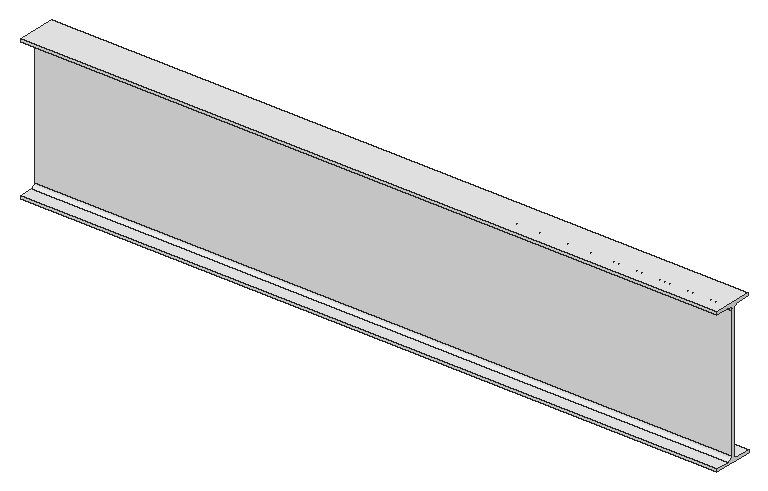
Revit family
Parameters (values of type "M250X13.4")
  Start Extension Calculation [instance] = 3012.5 mm + Start Extension  # 3000 mm
  Start Extension [instance] = -12.5 mm
  End Extension Calculation [instance] = 3012.5 mm + End Extension  # 3000 mm
  End Extension [instance] = -12.5 mm
  Beam Material [instance] = Metal - Steel - 345 MPa
  Assembly Code = ""
  A = 0.002 m²
  Length [instance] = 1500 mm
  W = 0.13141
  bf = 68 mm
  d = 250 mm
  k = 11 mm
  kr = k - tf  # 7 mm
  tf = 4 mm
  tw = 5.2 mm
Reference planes
  plane 1 "Center (Front/Back)": y = 0
  plane 2: z = 0
  plane 3 "Center (Left/Right)": x = 4.61
  plane 4 "Member Left": x = -604.99
  plane 5 "Member Right": x = 614.21
  plane 6: y = 34
  plane 7: y = -34
  plane 8 "Top": z = 125
  plane 9: z = -125
  plane 10 "Right": x = 766.61
  plane 11 "Left": x = -733.39
  plane 12: x = -604.99
  plane 13: x = 614.21
  plane 14: x = 2395.01
  plane 15: x = -2385.79
Forms (mm)
  Sweep 1, solid, material "Metal - Steel - 345 MPa" <- "Beam Material", detail levels fine
    path origin (0, 0, 0) x (1, 0, 0) y (0, 1, 0)
      loop
        line (614.21, 0) -> (-604.99, 0)
    profile "M_HP-Bearing Pile-Profile-Fine : M_HP-Bearing Pile-Profile-Fine" origin (4.61, 0, 0) x (0, -1, 0) y (0, 0, 1)
      loop
        line (-34, -125) -> (34, -125) -> (34, -121) -> (9.6, -121)
        arc (9.6, -121) -> (4.65, -118.95) -> (2.6, -114) r 7
        line (2.6, -114) -> (2.6, 114)
        arc (2.6, 114) -> (4.65, 118.95) -> (9.6, 121) r 7
        line (9.6, 121) -> (34, 121) -> (34, 125) -> (-34, 125) -> (-34, 121) -> (-9.6, 121)
        arc (-9.6, 121) -> (-4.65, 118.95) -> (-2.6, 114) r 7
        line (-2.6, 114) -> (-2.6, -114)
        arc (-2.6, -114) -> (-4.65, -118.95) -> (-9.6, -121) r 7
        line (-9.6, -121) -> (-34, -121) -> (-34, -125)
  Sweep 2, solid, material "Metal - Steel - 345 MPa" <- "Beam Material", detail levels medium
    path origin (0, 0, 0) x (1, 0, 0) y (0, 1, 0)
      loop
        line (614.21, 0) -> (-604.99, 0)
    profile "M_HP-Bearing Pile-Profile-Medium : M_HP-Bearing Pile-Profile-Medium" origin (4.61, 0, 0) x (0, -1, 0) y (0, 0, 1)
      loop
        line (-34, -125) -> (34, -125) -> (34, -121) -> (2.6, -121) -> (2.6, 121) -> (34, 121) -> (34, 125) -> (-34, 125) -> (-34, 121) -> (-2.6, 121) -> (-2.6, -121) -> (-34, -121) -> (-34, -125)
Lines and regions (mm)
  symbolic lines, style "Hidden Faces", detail levels medium+fine
    curve 1: line (614.21, -6.5, 0) -> (-604.99, -6.5, 0)
    curve 2: line (614.21, 6.5, 0) -> (-604.99, 6.5, 0)
  symbolic lines, style "Stick Symbols", detail levels coarse
    curve 3: line (4.61, 34, 125) -> (4.61, -34, 125)
    curve 4: line (4.61, -34, -125) -> (4.61, 34, -125)
    curve 5: line (4.61, 0, -125) -> (4.61, 0, 125)
Dimensions and locks
  "bf": plane 6 to plane 7
  "d": plane 9 to plane 8 "Top"
  equal spacing: plane 9, plane 2, plane 8 "Top"
  equal spacing: plane 6, plane 1 "Center (Front/Back)", plane 7
  "Length": plane 11 "Left" to plane 10 "Right"
  locked: plane 4 "Member Left" to plane 14 at 3000
  locked: plane 15 to plane 5 "Member Right" at 3000
  "Start Extension Calculation": plane 12 to plane 14
  "End Extension Calculation": plane 15 to plane 13
  aligned and locked: Sweep 1 sketch curve to plane 1 "Center (Front/Back)"
  aligned and locked: Sweep 2 sketch curve to plane 1 "Center (Front/Back)"
  aligned and locked: Sweep 2 to curve 3  (x2)
  aligned and locked: Sweep 2 to curve 4  (x2)
  aligned and locked: curve 3 to Sweep 2
  aligned and locked: curve 4 to Sweep 2
  aligned and locked: plane 12 to Sweep 2 sketch curve
  aligned and locked: plane 13 to Sweep 2 sketch curve
  aligned and locked: plane 12 to Sweep 1 sketch curve
  aligned and locked: plane 13 to Sweep 1 sketch curve
  aligned and locked: plane 12 to curve 1
  aligned and locked: plane 12 to curve 2
  aligned and locked: plane 13 to curve 1
  aligned and locked: plane 13 to curve 2
Automatic sketch dimensions
  plane 1 "Center (Front/Back)" to curve 1 = 6.5 mm
  curve 2 to plane 1 "Center (Front/Back)" = 6.5 mm
  curve 5 to plane 1 "Center (Front/Back)" = 0 mm
